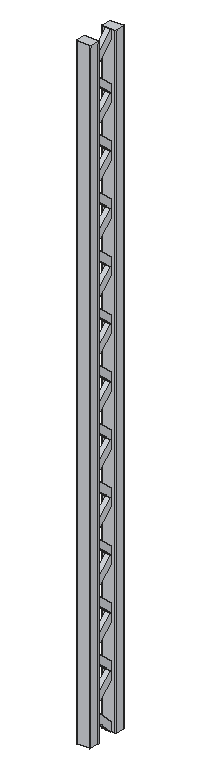
Revit family "GT24Grider3600", category Generic Models, Revit 2019
Family settings
  Can host rebar = No
  Round Connector Dimension = Use Diameter
  Part Type = Normal
  Work Plane-Based = No
  Always vertical = Yes
  Cut with Voids When Loaded = No
  Shared = No
  Room Calculation Point = No
Reference planes
  plane 1 "Center (Front/Back)": y = 0
  plane 2: z = 0
  plane 3 "Center (Left/Right)": x = 0
Forms (mm)
  Extrusion 1, solid
    sketch origin (-40, 60, 0) x (1, 0, 0) y (0, 1, 0)
      loop
        line (5, 0) -> (75, 0)
        arc (75, 0) -> (78.536, 1.464) -> (80, 5) r 5
        line (80, 5) -> (80, 55)
        arc (80, 55) -> (78.536, 58.536) -> (75, 60) r 5
        line (75, 60) -> (5, 60)
        arc (5, 60) -> (1.464, 58.536) -> (0, 55) r 5
        line (0, 55) -> (0, 5)
        arc (0, 5) -> (1.464, 1.464) -> (5, 0) r 5
    from 0 to 3600
  Extrusion 2, solid
    sketch origin (-40, -60, 0) x (1, 0, 0) y (0, 1, 0)
      loop
        arc (5, 0) -> (1.464, -1.464) -> (0, -5) r 5
        line (0, -5) -> (0, -55)
        arc (0, -55) -> (1.464, -58.536) -> (5, -60) r 5
        line (5, -60) -> (75, -60)
        arc (75, -60) -> (78.536, -58.536) -> (80, -55) r 5
        line (80, -55) -> (80, -5)
        arc (80, -5) -> (78.536, -1.464) -> (75, 0) r 5
        line (75, 0) -> (5, 0)
    from 0 to 3600
  Extrusion 3, solid
    sketch origin (0, 0, 0) x (0, 1, 0) y (0, 0, 1)
      loop
        line (60, 261) -> (60, 311) -> (-60, 213) -> (-60, 163) -> (60, 261)
    from -14 to 14
  Extrusion 4, solid
    sketch origin (0, 0, 622) x (0, 1, 0) y (0, 0, 1)
      loop
        line (60, -261) -> (-60, -163) -> (-60, -213) -> (60, -311) -> (60, -261)
    from -14 to 14
  Extrusion 5, solid
    sketch origin (0, 0, 296) x (0, 1, 0) y (0, 0, 1)
      loop
        line (60, 261) -> (60, 311) -> (-60, 213) -> (-60, 163) -> (60, 261)
    from -14 to 14
  Extrusion 6, solid
    sketch origin (0, 0, 592) x (0, 1, 0) y (0, 0, 1)
      loop
        line (60, 261) -> (60, 311) -> (-60, 213) -> (-60, 163) -> (60, 261)
    from -14 to 14
  Extrusion 7, solid
    sketch origin (0, 0, 888) x (0, 1, 0) y (0, 0, 1)
      loop
        line (60, 261) -> (60, 311) -> (-60, 213) -> (-60, 163) -> (60, 261)
    from -14 to 14
  Extrusion 8, solid
    sketch origin (0, 0, 1184) x (0, 1, 0) y (0, 0, 1)
      loop
        line (60, 261) -> (60, 311) -> (-60, 213) -> (-60, 163) -> (60, 261)
    from -14 to 14
  Extrusion 9, solid
    sketch origin (0, 0, 1480) x (0, 1, 0) y (0, 0, 1)
      loop
        line (60, 261) -> (60, 311) -> (-60, 213) -> (-60, 163) -> (60, 261)
    from -14 to 14
  Extrusion 10, solid
    sketch origin (0, 0, 1776) x (0, 1, 0) y (0, 0, 1)
      loop
        line (60, 261) -> (60, 311) -> (-60, 213) -> (-60, 163) -> (60, 261)
    from -14 to 14
  Extrusion 11, solid
    sketch origin (0, 0, 3272) x (0, 1, 0) y (0, 0, 1)
      loop
        line (60, 278) -> (60, 328) -> (-60, 213) -> (-60, 163) -> (60, 278)
    from -14 to 14
  Extrusion 12, solid
    sketch origin (0, 0, 918) x (0, 1, 0) y (0, 0, 1)
      loop
        line (60, -261) -> (-60, -163) -> (-60, -213) -> (60, -311) -> (60, -261)
    from -14 to 14
  Extrusion 13, solid
    sketch origin (0, 0, 1214) x (0, 1, 0) y (0, 0, 1)
      loop
        line (60, -261) -> (-60, -163) -> (-60, -213) -> (60, -311) -> (60, -261)
    from -14 to 14
  Extrusion 14, solid
    sketch origin (0, 0, 1510) x (0, 1, 0) y (0, 0, 1)
      loop
        line (60, -261) -> (-60, -163) -> (-60, -213) -> (60, -311) -> (60, -261)
    from -14 to 14
  Extrusion 15, solid
    sketch origin (0, 0, 1806) x (0, 1, 0) y (0, 0, 1)
      loop
        line (60, -261) -> (-60, -163) -> (-60, -213) -> (60, -311) -> (60, -261)
    from -14 to 14
  Extrusion 16, solid
    sketch origin (0, 0, 2102) x (0, 1, 0) y (0, 0, 1)
      loop
        line (60, -261) -> (-60, -163) -> (-60, -213) -> (60, -311) -> (60, -261)
    from -14 to 14
  Extrusion 17, solid
    sketch origin (0, 0, 2398) x (0, 1, 0) y (0, 0, 1)
      loop
        line (60, -261) -> (-60, -163) -> (-60, -213) -> (60, -311) -> (60, -261)
    from -14 to 14
  Extrusion 18, solid
    sketch origin (0, 0, 326) x (0, 1, 0) y (0, 0, 1)
      loop
        line (60, -326) -> (60, -276) -> (-60, -163) -> (-60, -213) -> (60, -326)
    from -14 to 14
  Extrusion 19, solid
    sketch origin (0, 0, 2072) x (0, 1, 0) y (0, 0, 1)
      loop
        line (60, 261) -> (60, 311) -> (-60, 213) -> (-60, 163) -> (60, 261)
    from -14 to 14
  Extrusion 20, solid
    sketch origin (0, 0, 2694) x (0, 1, 0) y (0, 0, 1)
      loop
        line (60, -261) -> (-60, -163) -> (-60, -213) -> (60, -311) -> (60, -261)
    from -14 to 14
  Extrusion 21, solid
    sketch origin (0, 0, 2368) x (0, 1, 0) y (0, 0, 1)
      loop
        line (60, 261) -> (60, 311) -> (-60, 213) -> (-60, 163) -> (60, 261)
    from -14 to 14
  Extrusion 22, solid
    sketch origin (0, 0, 2990) x (0, 1, 0) y (0, 0, 1)
      loop
        line (60, -261) -> (-60, -163) -> (-60, -213) -> (60, -311) -> (60, -261)
    from -14 to 14
  Extrusion 23, solid
    sketch origin (0, 0, 2664) x (0, 1, 0) y (0, 0, 1)
      loop
        line (60, 261) -> (60, 311) -> (-60, 213) -> (-60, 163) -> (60, 261)
    from -14 to 14
  Extrusion 24, solid
    sketch origin (0, 0, 3286) x (0, 1, 0) y (0, 0, 1)
      loop
        line (60, -261) -> (-60, -163) -> (-60, -213) -> (60, -311) -> (60, -261)
    from -14 to 14
  Extrusion 25, solid
    sketch origin (0, 0, 2960) x (0, 1, 0) y (0, 0, 1)
      loop
        line (60, 261) -> (60, 311) -> (-60, 213) -> (-60, 163) -> (60, 261)
    from -14 to 14
  Extrusion 26, solid
    sketch origin (0, 0, 3582) x (0, 1, 0) y (0, 0, 1)
      loop
        line (60, -261) -> (-60, -163) -> (-60, -213) -> (60, -311) -> (60, -261)
    from -14 to 14
Dimensions and locks
  Extrusion 1 to Extrusion 2 = 240 mm
  aligned and locked: level to plane 2
